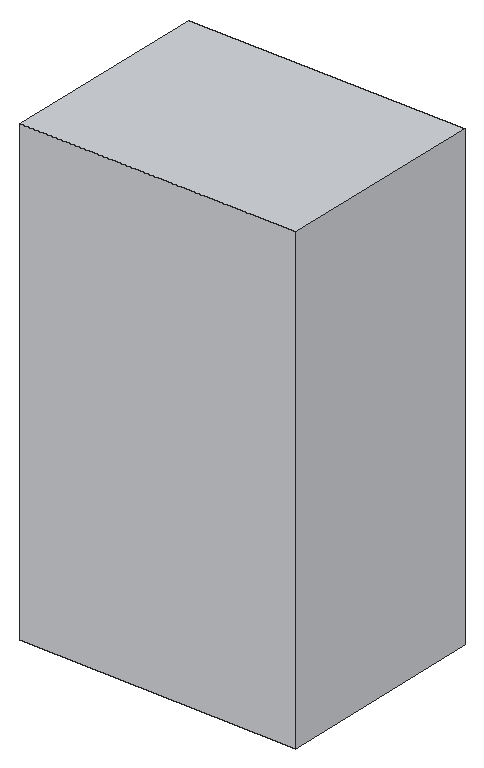
Revit family
Parameters
  Warranty Duration (Years) = 0
  Unit Length [instance] = 0' - 7 3/4"
  URL = "http://www.americanspecialties.com/viewCategories.cfm"
  Test Data = ""
  Body Material = Metal - Chrome
  Specification = "http://www.arcat.com/sdspecs/htm/10810asi.htm"
  SpecWizard = ""
  Send Message = "http://www.arcat.com/users.pl?action=UserEmail&company=American%20Specialties,%20Inc.&coid=30448&rep=139&fax=914-476-0688&mf="
  Sales Information = "http://www.americanspecialties.com/contact"
  Revision = "R1_10-2010"
  Product Properties = "http://www.americanspecialties.com/datasheets/0710.pdf"
  Product Data = "http://www.arcat.com/arcatcos/cos30/arc30448.html"
  Model = "As Specified in 10 28 13"
  Manufacturer Website = "http://www.americanspecialties.com/viewCategories.cfm"
  Manufacturer Phone - Toll Free = ""
  Manufacturer Phone = "914-476-9000 "
  Manufacturer Fax = "914-476-0688"
  Manufacturer Address = "441 Saw Mill River Rd., Yonkers, NY 10701"
  Manufacturer = "American Specialties, Inc."
  Maintenance Schedule (Months) = 0
  Keynote = "10 28 13"
  Installation-Fabrication = "http://www.americanspecialties.com/products.cfm"
  Green Building-LEED = ""
  Expected Lifespan (Years) = 0
  Trim Material = Metal - Chrome
  Drawn By = "Robert S. Weygant. CSI, CDT, SCIP"  # constant formula
  Description = "Toilet Accessory as Specified in 10 28 13"
  Default Elevation = 4' - 0"
  Copyright = "©Arcat Inc."
  Construction Details = "http://www.arcat.com/green/clients/leed_data_30448.html"
  Building Codes = "http://www.americanspecialties.com/products.cfm"
  Assembly Code = "C1030210"
Reference planes (in)
  plane 1 "Center (Front/Back)": y = -0.29112
  plane 2 "Floor Line": z = 0
  plane 3 "Center (Left/Right)": x = -0.65843
  plane 4: z = 0.125
  plane 5: y = 1.08388
  plane 6: y = -1.66612
  plane 7: z = 4.25
  plane 8: z = 3.5
  plane 9: z = 3.4375
  plane 10: x = -3.65843
  plane 11: x = 2.34157
  plane 12: x = 2.09157
  plane 13: x = -3.40843
Forms (in)
  Extrusion 1, solid
    sketch origin (-3, -9, -6) x (0, 0, -1) y (1, 0, 0)
      loop
        line (-82, 26) -> (-82, -19.34712) -> (-6, -19.34712) -> (-6, 26) -> (-82, 26)
    from 9 to -25.60721
  Extrusion 2, solid, material "Metal - Chrome" <- "Body Material"
    sketch origin (4.0073, 1.98146, 0) x (1, 0, 0) y (0, 1, 0)
      loop
        arc (-7.54073, -0.89758) -> (-7.62912, -0.93419) -> (-7.66573, -1.02258) r 0.125
        line (-7.66573, -1.02258) -> (-7.66573, -3.52258)
        arc (-7.66573, -3.52258) -> (-7.62912, -3.61097) -> (-7.54073, -3.64758) r 0.125
        line (-7.54073, -3.64758) -> (-1.79073, -3.64758)
        arc (-1.79073, -3.64758) -> (-1.70234, -3.61097) -> (-1.66573, -3.52258) r 0.125
        line (-1.66573, -3.52258) -> (-1.66573, -1.02258)
        arc (-1.66573, -1.02258) -> (-1.70234, -0.93419) -> (-1.79073, -0.89758) r 0.125
        line (-1.79073, -0.89758) -> (-7.54073, -0.89758)
    from 0 to 0.125
  Extrusion 3, solid, material "Metal - Chrome" <- "Body Material"
    sketch origin (-3.1875, -0.29112, 0) x (1, 0, 0) y (0, 0, 1)
      loop
        line (5.27907, 0.125) -> (5.27907, 4.25) -> (5.21657, 4.25) -> (5.21657, 3.24255) -> (5.18738, 3.21336) -> (5.11892, 0.48919)
        arc (5.11892, 0.48919) -> (5.11388, 0.46612) -> (5.10063, 0.44657) r 0.0625
        line (5.10063, 0.44657) -> (5.05719, 0.40313)
        arc (5.05719, 0.40313) -> (5.03638, 0.37197) -> (5.02907, 0.33522) r 0.09603
        line (5.02907, 0.33522) -> (5.02907, 0.125) -> (5.27907, 0.125)
    from -1 to 1
  Extrusion 4, solid, material "Metal - Chrome" <- "Body Material"
    sketch origin (1.87063, -0.29112, 0) x (-1, 0, 0) y (0, 0, -1)
      loop
        line (5.27907, -0.125) -> (5.02907, -0.125) -> (5.02907, -0.33522)
        arc (5.02907, -0.33522) -> (5.03638, -0.37197) -> (5.05719, -0.40313) r 0.09603
        line (5.05719, -0.40313) -> (5.10063, -0.44657)
        arc (5.10063, -0.44657) -> (5.11388, -0.46612) -> (5.11892, -0.48919) r 0.0625
        line (5.11892, -0.48919) -> (5.18738, -3.21336) -> (5.21657, -3.24255) -> (5.21657, -4.25) -> (5.27907, -4.25) -> (5.27907, -0.125)
    from -1 to 1
  Extrusion 5, void
    sketch origin (-0.65843, 0, 0) x (0, 1, 0) y (0, 0, 1)
      loop
        line (0.70888, 0.48919) -> (0.79861, 0.48919) -> (0.79861, 4.34735) -> (-1.38085, 4.34735) -> (-1.38085, 0.48919) -> (-1.29112, 0.48919) -> (-0.88649, 3.0439)
        arc (-0.88649, 3.0439) -> (-0.29112, 4.25) -> (0.30426, 3.0439) r 0.75
        line (0.30426, 3.0439) -> (0.70888, 0.48919)
    from -3 to 3
  Extrusion 6, solid, material "Metal - Chrome" <- "Body Material"
    sketch origin (-3.84593, 0, 0) x (0, 1, 0) y (0, 0, 1)
      loop
        circle (-0.29112, 3.5) r 0.5
    from 5.4375 to 5.875
  Extrusion 7, solid, material "Metal - Chrome" <- "Body Material"
    sketch origin (2.52907, 0, 0) x (0, 1, 0) y (0, 0, -1)
      loop
        circle (-0.29112, -3.5) r 0.5
    from 5.4375 to 5.875
  Extrusion 8, solid, material "Metal - Chrome" <- "Body Material"
    sketch origin (-4.50437, 0, 0) x (-1, 0, 0) y (0, -1, 0)
      loop
        line (-6.09593, 0.11645) -> (-5.85321, 0.04112) -> (-1.59593, 0.04112) -> (-1.59593, 0.54112) -> (-5.85321, 0.54112) -> (-6.09593, 0.47329) -> (-6.09593, 0.11645)
    from 3.4375 to 3.5
  Extrusion 9, solid, material "Metal - Chrome" <- "Body Material"
    sketch origin (-3.1875, -0.29112, 0) x (1, 0, 0) y (0, 0, 1)
      loop
        line (2.77907, 3.5) -> (3.62381, 3.5)
        arc (3.62381, 3.5) -> (4.17846, 3.73702) -> (4.77907, 3.79261) r 1.94386
        line (4.77907, 3.79261) -> (4.77907, 3.85523)
        arc (4.77907, 3.85523) -> (4.16996, 3.79933) -> (3.60601, 3.5625) r 2.00636
        line (3.60601, 3.5625) -> (2.77907, 3.5625) -> (2.77907, 3.5)
    from -0.17467 to 0.18217
  Extrusion 10, void
    sketch origin (-3.1875, 0, 0) x (1, 0, 0) y (0, 1, 0)
      loop
        arc (0.52907, -0.16612) -> (0.40407, -0.29112) -> (0.52907, -0.41612) r 0.125
        line (0.52907, -0.41612) -> (1.02907, -0.41612)
        arc (1.02907, -0.41612) -> (1.15407, -0.29112) -> (1.02907, -0.16612) r 0.125
        line (1.02907, -0.16612) -> (0.52907, -0.16612)
      loop
        line (4.52907, -0.16612) -> (4.02907, -0.16612)
        arc (4.02907, -0.16612) -> (3.90407, -0.29112) -> (4.02907, -0.41612) r 0.125
        line (4.02907, -0.41612) -> (4.52907, -0.41612)
        arc (4.52907, -0.41612) -> (4.65407, -0.29112) -> (4.52907, -0.16612) r 0.125
    from 0 to 0.125
  Extrusion 11, solid, material "Metal - Chrome" <- "Trim Material"
    sketch origin (-3.1875, -0.29112, 0.15935) x (1, 0, 0) y (0, 0, 1)
      loop
        circle (5.15407, 0.125) r 0.0625
    from -1 to 1
Cuts and joins
  Extrusion 5 cuts Extrusion 3
  Extrusion 5, Extrusion 10 cuts Extrusion 4
  Extrusion 10 cuts Extrusion 2
  Extrusion 10 cuts Extrusion 7
  Extrusion 10 cuts Extrusion 8
  Extrusion 10 cuts Extrusion 9
Dimensions and locks (in)
  aligned and locked: plane 4 to Extrusion 2
  aligned and locked: Extrusion 2 sketch curve to plane 6
  aligned and locked: plane 5 to Extrusion 2 sketch curve
  aligned and locked: Extrusion 2 to Extrusion 5  (x2)
  aligned and locked: Extrusion 7 to cut or joined group of Extrusion 4, Extrusion 5, Extrusion 10
  aligned and locked: Extrusion 6 to cut or joined group of Extrusion 3, Extrusion 5
  aligned and locked: plane 8 to Extrusion 8
  aligned and locked: Extrusion 8 to plane 9
  aligned and locked: Extrusion 9 sketch curve to Extrusion 8
  aligned and locked: Extrusion 2 to Extrusion 10
  aligned and locked: Extrusion 10 to level
  aligned and locked: cut or joined group of Extrusion 2, Extrusion 10 to plane 10
  aligned and locked: plane 11 to cut or joined group of Extrusion 2, Extrusion 10
  aligned and locked: cut or joined group of Extrusion 8, Extrusion 10 to cut or joined group of Extrusion 7, Extrusion 10
